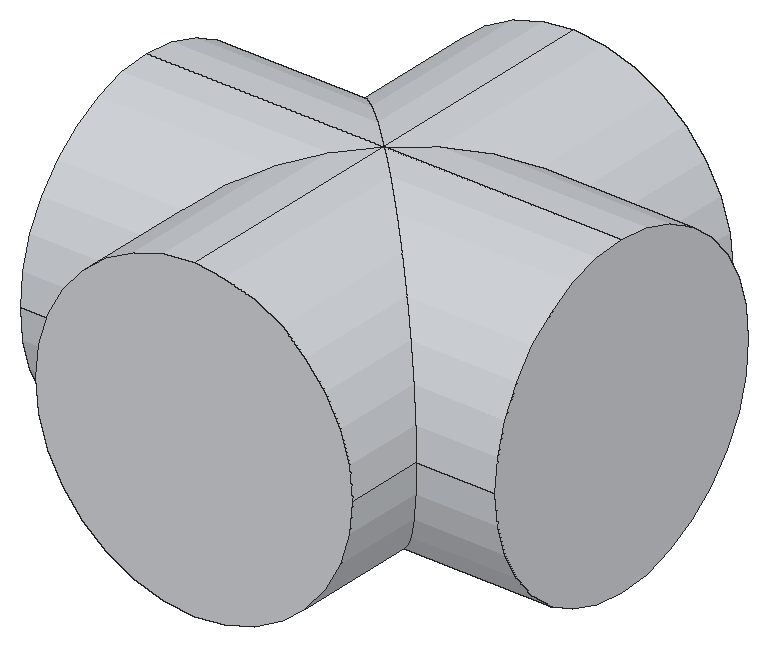
Revit family "M_Cruzamento redondo", category Conexões de duto, Revit 2019
Family settings
  Cota do conector redondo = Usar raio
  Tipo de parte = Cruzeta
  Número OmniClass = 23.75.70.14
  Título OmniClass = Air Ductwork
  ID de item do Seek = Round Cross-0000-CAN-ENU
  Com base no plano de trabalho = Não
  Sempre na vertical = Sim
  Corte com vazios quando carregada = Não
  Compartilhado = Não
Parameters (values of type "Padrão")
  Anteparo [instance] = 75 mm
  Raio do duto 4 [instance] = 150 mm
  Raio do duto 3 [instance] = 150 mm
  Raio do duto 1 [instance] = 150 mm
  Comprimento do duto 3 [instance] = Raio do duto 1 + Anteparo  # 225 mm
  Comprimento do duto 1 [instance] = if(Raio do duto 3 > Raio do duto 4, Raio do duto 3 + Anteparo, Raio do duto 4 + Anteparo)  # 225 mm
  Diâmetro do duto 4 [instance] = Raio do duto 4 * 2  # 300 mm
  Diâmetro do duto 3 [instance] = Raio do duto 3 * 2  # 300 mm
  Diâmetro do duto 1 [instance] = Raio do duto 1 * 2  # 300 mm
  Assembly Code = ""
Reference planes
  plane 1 "Centro (Frente/Trás)": y = 0
  plane 2: z = 0
  plane 3 "Centro (Esquerda/Direita)": x = 0
  plane 4: y = 225
  plane 5: y = -225
  plane 6: x = -225
  plane 7: x = 225
Forms (mm)
  Sweep 1, solid, detail levels medium+fine
    path in 3D
      loop
        line (-225, 0, 0) -> (0, 0, 0)
    profile "M_Duto - Redondo : Duto - Redondo" origin (-112.5, 0, 0) x (0, 1, 0) y (0, 0, 1)
      loop
        arc (-150, 0) -> (-106.066, -106.066) -> (0, -150) r 150
        arc (0, -150) -> (106.066, -106.066) -> (150, 0) r 150
        arc (150, 0) -> (106.066, 106.066) -> (0, 150) r 150
        arc (0, 150) -> (-106.066, 106.066) -> (-150, 0) r 150
  Sweep 2, solid, detail levels medium+fine
    path in 3D
      loop
        line (0, 0, 0) -> (225, 0, 0)
    profile "M_Duto - Redondo : Duto - Redondo" origin (112.5, 0, 0) x (0, 1, 0) y (0, 0, 1)
      loop
        arc (-150, 0) -> (-106.066, -106.066) -> (0, -150) r 150
        arc (0, -150) -> (106.066, -106.066) -> (150, 0) r 150
        arc (150, 0) -> (106.066, 106.066) -> (0, 150) r 150
        arc (0, 150) -> (-106.066, 106.066) -> (-150, 0) r 150
  Sweep 3, solid, detail levels medium+fine
    path in 3D
      loop
        line (0, 225, 0) -> (0, 0, 0)
    profile "M_Duto - Redondo : Duto - Redondo 3" origin (0, 112.5, 0) x (1, 0, 0) y (0, 0, 1)
      loop
        arc (-150, 0) -> (-106.066, -106.066) -> (0, -150) r 150
        arc (0, -150) -> (106.066, -106.066) -> (150, 0) r 150
        arc (150, 0) -> (106.066, 106.066) -> (0, 150) r 150
        arc (0, 150) -> (-106.066, 106.066) -> (-150, 0) r 150
  Sweep 4, solid, detail levels medium+fine
    path in 3D
      loop
        line (0, -225, 0) -> (0, 0, 0)
    profile "M_Duto - Redondo : Duto - Redondo 4" origin (0, -112.5, 0) x (-1, 0, 0) y (0, 0, 1)
      loop
        arc (-150, 0) -> (-106.066, -106.066) -> (0, -150) r 150
        arc (0, -150) -> (106.066, -106.066) -> (150, 0) r 150
        arc (150, 0) -> (106.066, 106.066) -> (0, 150) r 150
        arc (0, 150) -> (-106.066, 106.066) -> (-150, 0) r 150
Cuts and joins
  joined: Sweep 1, Sweep 2, Sweep 3, Sweep 4
Lines and regions (mm)
  reference lines
    curve 1: line (-225, 0, 0) -> (0, 0, 0)
    curve 2: line (0, 0, 0) -> (225, 0, 0)
    curve 3: line (0, 225, 0) -> (0, 0, 0)
    curve 4: line (0, -225, 0) -> (0, 0, 0)
  sketch lines
    curve 5: line (-225, 0, 0) -> (0, 0, 0)
    curve 6: line (0, 0, 0) -> (225, 0, 0)
    curve 7: line (0, 225, 0) -> (0, 0, 0)
    curve 8: line (0, -225, 0) -> (0, 0, 0)
  model lines, style "DuctFitting", detail levels coarse
    curve 9: line (-225, 0, 0) -> (0, 0, 0)
    curve 10: line (0, 0, 0) -> (225, 0, 0)
    curve 11: line (0, 225, 0) -> (0, 0, 0)
    curve 12: line (0, -225, 0) -> (0, 0, 0)
Dimensions and locks
  equal spacing: plane 6, plane 3 "Centro (Esquerda/Direita)", plane 7
  equal spacing: plane 5, plane 1 "Centro (Frente/Trás)", plane 4
  "Comprimento do duto 1": plane 6 to plane 3 "Centro (Esquerda/Direita)"
  "Comprimento do duto 3": plane 1 "Centro (Frente/Trás)" to plane 4
  aligned and locked: plane 3 "Centro (Esquerda/Direita)" to curve 1
  aligned and locked: plane 6 to curve 1
  aligned and locked: plane 1 "Centro (Frente/Trás)" to curve 1
  aligned and locked: plane 7 to curve 2
  aligned and locked: plane 1 "Centro (Frente/Trás)" to curve 2
  aligned and locked: plane 5 to curve 4
  aligned and locked: plane 3 "Centro (Esquerda/Direita)" to curve 4
  aligned and locked: plane 4 to curve 3
  aligned and locked: curve 3 to plane 3 "Centro (Esquerda/Direita)"
  aligned and locked: curve 9 to curve 1
  aligned and locked: curve 10 to curve 2
  aligned and locked: curve 11 to curve 3
  aligned and locked: curve 12 to curve 4
Automatic sketch dimensions
  curve 9 to plane 6 = 0 mm
  curve 10 to plane 7 = 0 mm
  curve 11 to plane 4 = 0 mm
  curve 12 to plane 5 = 0 mm
Connectors
  hvac at (-225, 0, 0), driven by "Raio do duto 1"
    settings: on cut or joined group of Sweep 1, Sweep 2, Sweep 3, Sweep 4, index 1, duct flow 0.0 L/s, flow factor 0, pres drop 0.0 Pa, loss coef 0, conn angle 0.00°, conn width 304.8 mm, conn height 304.8 mm, conn diameter 300 mm, duct sys type 28, conn prof type 0, flow config 0, flow direction 0, loss method 0, conn ref index 2, conn util no, is conn primary yes, conn desc ""
  hvac at (225, 0, 0), driven by "Raio do duto 1"
    settings: on cut or joined group of Sweep 1, Sweep 2, Sweep 3, Sweep 4, index 2, duct flow 0.0 L/s, flow factor 0, pres drop 0.0 Pa, loss coef 0, conn angle 0.00°, conn width 304.8 mm, conn height 304.8 mm, conn diameter 300 mm, duct sys type 28, conn prof type 0, flow config 0, flow direction 0, loss method 0, conn ref index 1, conn util no, is conn primary no, conn desc ""
  hvac at (0, 225, 0), driven by "Raio do duto 3"
    settings: on cut or joined group of Sweep 1, Sweep 2, Sweep 3, Sweep 4, index 3, duct flow 0.0 L/s, flow factor 0, pres drop 0.0 Pa, loss coef 0, conn angle 0.00°, conn width 304.8 mm, conn height 304.8 mm, conn diameter 300 mm, duct sys type 28, conn prof type 0, flow config 0, flow direction 0, loss method 0, conn ref index 4, conn util no, is conn primary no, conn desc ""
  hvac at (0, -225, 0), driven by "Raio do duto 4"
    settings: on cut or joined group of Sweep 1, Sweep 2, Sweep 3, Sweep 4, index 4, duct flow 0.0 L/s, flow factor 0, pres drop 0.0 Pa, loss coef 0, conn angle 0.00°, conn width 304.8 mm, conn height 304.8 mm, conn diameter 300 mm, duct sys type 28, conn prof type 0, flow config 0, flow direction 0, loss method 0, conn ref index 3, conn util no, is conn primary no, conn desc ""
